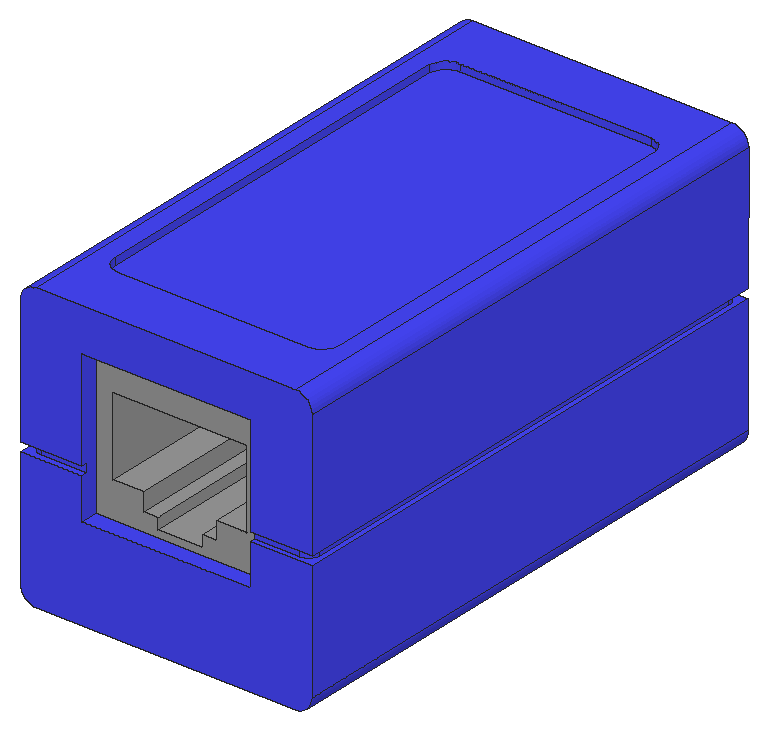
Revit family "ITK_Проходной адаптер_Неэкранированный", category Обобщенные модели, Revit 2019
Family settings
  Может служить основой для арматурных стержней = Нет
  Размер круглого соединителя = Использовать диаметр
  Тип детали = Нормальный
  На основе рабочей плоскости = Нет
  Всегда вертикально = Да
  При загрузке вырезать с полостями = Нет
  Общий = Нет
  Точка расчета площади = Нет
Parameters (values of type "CS70-1C5EU")
  Ширина = 26 mm
  Степень защиты = ""
  Материал = Пластик белый
  Изготовитель = "ITK"  # constant formula
  Дата изменения = ""
  Глубина = 48.5 mm
  Высота = 25.5 mm
  URL = "https://www.iek.ru/"
  KSI_CPr_Строительные изделия = "61.1.03.04"  # constant formula
  KSI_CMa_Строительные материалы = "01.7.14.03"  # constant formula
  IEK_Цена за единицу = 146.69
  IEK_Поиск в таблице имен = ""
  IEK_Описание = "Соответствие международным стандартам качества, что обеспечивает совместимость с компонентами и с кабелем.\r\nИзготовлены из высококачественных негорючих материалов и отличаются надежностью и удобством эксплуатации."
  IEK_URL = "https://www.itk-group.ru/produktsiya/catalog/oborudovanie_telekommunikatsionnoe/komponenty_sks_mednye/rozetki_adaptery_i_moduli_keystone/moduli_keystone_jack_informatsionnye_rozetki_rozetochnye_korpusa_i_adaptery/adaptery/adaptery_neekranirovannye/itk_prokhodnoy_adapter_kat_5e_utp_tip_rj45_rj45_8p8c_belyy"
  ADSK_Примечание = ""
  ADSK_Позиция [instance] = ""
  ADSK_Наименование = "ITK Проходной адаптер кат.5E UTP, тип RJ45-RJ45, белый"
  ADSK_Материал обозначение = ""
  ADSK_Материал наименование = "Пластик"  # constant formula
  ADSK_Масса = 0
  ADSK_Марка = ""  # constant formula
  ADSK_Код изделия = "CS70-1C5EU"
  ADSK_Завод-изготовитель = "IEK"  # constant formula
  ADSK_Единица измерения = "шт"  # constant formula
  ADSK_Группирование = "I. ЩИТЫ И ПУЛЬТЫ"  # constant formula
  ADSK_Версия семейства = "1.0"  # constant formula
  ADSK_Версия Revit = "2019"  # constant formula
  ADSK_URL страницы изделия = "https://www.itk-group.ru/produktsiya/catalog/oborudovanie_telekommunikatsionnoe/komponenty_sks_mednye/rozetki_adaptery_i_moduli_keystone/moduli_keystone_jack_informatsionnye_rozetki_rozetochnye_korpusa_i_adaptery/adaptery/adaptery_neekranirovannye/"
Types (2, lengths in mm): name | IEK_Цена за единицу | IEK_URL | ADSK_Наименование | ADSK_Код изделия
  CS70-1C5EU | 146.69 | "https://www.itk-group.ru/produktsiya/catalog/oborudovanie_telekommunikatsionnoe/komponenty_sks_mednye/rozetki_adaptery_i_moduli_keystone/moduli_keystone_jack_informatsionnye_rozetki_rozetochnye_korpusa_i_adaptery/adaptery/adaptery_neekranirovannye/itk_prokhodnoy_adapter_kat_5e_utp_tip_rj45_rj45_8p8c_belyy" | "ITK Проходной адаптер кат.5E UTP, тип RJ45-RJ45, белый" | "CS70-1C5EU"
  CS70-1C06U | 147.28 | "https://www.itk-group.ru/produktsiya/catalog/oborudovanie_telekommunikatsionnoe/komponenty_sks_mednye/rozetki_adaptery_i_moduli_keystone/moduli_keystone_jack_informatsionnye_rozetki_rozetochnye_korpusa_i_adaptery/adaptery/adaptery_neekranirovannye/itk_prokhodnoy_adapter_kat_6_utp_tip_rj45_rj45" | "ITK Проходной адаптер кат. 6 UTP тип RJ45-RJ45" | "CS70-1C06U"
Reference planes
  plane 1 "По центру (Вперед/Назад)": y = 0
  plane 2: z = 0
  plane 3 "По центру (Влево/Вправо)": x = 0
  plane 4: x = -13
  plane 5: x = 13
  plane 6: z = 25.5
  plane 7: y = 48.5
  plane 8: z = 12.75
  plane 9: y = 24.25
Forms (mm)
  Extrusion 1, solid, material "Пластик белый", detail levels fine
    sketch origin (0, 0, 0) x (1, 0, 0) y (0, 0, 1)
      loop
        line (-13, 23.999) -> (-13, 1.49)
        arc (-13, 1.49) -> (-12.564, 0.436) -> (-11.51, 0) r 1.49
        line (-11.51, 0) -> (11.52, 0)
        arc (11.52, 0) -> (12.566, 0.434) -> (13, 1.48) r 1.48
        line (13, 1.48) -> (13, 23.999)
        arc (13, 23.999) -> (12.56, 25.06) -> (11.499, 25.5) r 1.501
        line (11.499, 25.5) -> (-11.499, 25.5)
        arc (-11.499, 25.5) -> (-12.56, 25.06) -> (-13, 23.999) r 1.501
    from 0 to -48.5
  Extrusion 2, void
    sketch origin (0, 0, 0) x (1, 0, 0) y (0, 0, 1)
      loop
        line (7.5, 21.7) -> (-7.5, 21.7) -> (-7.5, 8.3) -> (7.5, 8.3) -> (7.5, 21.7)
    from 0 to -48.5
  Sweep 3, void
    path origin (0, 0, 11.964) x (1, 0, 0) y (0, 1, 0)
      loop
        line (-7.5, 48.5) -> (-11.506, 48.5)
        arc (-11.506, 48.5) -> (-12.562, 48.062) -> (-13, 47.006) r 1.494
        line (-13, 47.006) -> (-13, 1.49)
        arc (-13, 1.49) -> (-12.564, 0.436) -> (-11.51, 0) r 1.49
        line (-11.51, 0) -> (-7.5, 0)
    profile origin (-9.503, 48.5, 11.964) x (0, -1, 0) y (0, 0, 1)
      loop
        line (-0.979, 0) -> (0.514, 0) -> (0.514, 0.786) -> (-0.979, 0.786) -> (-0.979, 0)
  Sweep 4, void
    path origin (0, 0, 11.964) x (-1, 0, 0) y (0, -1, 0)
      loop
        line (-7.5, -48.5) -> (-11.506, -48.5)
        arc (-11.506, -48.5) -> (-12.562, -48.062) -> (-13, -47.006) r 1.494
        line (-13, -47.006) -> (-13, -1.49)
        arc (-13, -1.49) -> (-12.564, -0.436) -> (-11.51, 0) r 1.49
        line (-11.51, 0) -> (-7.5, 0)
    profile origin (9.503, 48.5, 11.964) x (0, 1, 0) y (0, 0, 1)
      loop
        line (0.979, 0) -> (0.979, 0.786) -> (-0.514, 0.786) -> (-0.514, 0) -> (0.979, 0)
  Extrusion 5, solid, material "Окраска - RAL 9005", detail levels fine
    sketch origin (0, 0, 0) x (1, 0, 0) y (0, 0, 1)
      loop
        line (7.5, 21.7) -> (-7.5, 21.7) -> (-7.5, 8.3) -> (7.5, 8.3) -> (7.5, 21.7)
    from -1.5 to -22.9
  Extrusion 6, solid, material "Окраска - RAL 9005", detail levels fine
    sketch origin (0, 48.5, 0) x (1, 0, 0) y (0, 0, -1)
      loop
        line (7.5, -21.7) -> (7.5, -8.3) -> (-7.5, -8.3) -> (-7.5, -21.7) -> (7.5, -21.7)
    from -1.5 to -22.9
  Extrusion 7, void
    sketch origin (0, 0, 0) x (1, 0, 0) y (0, 0, 1)
      loop
        line (-6, 18.5) -> (-6, 11.5) -> (-3.25, 11.5) -> (-3.25, 9.9) -> (-2, 9.9) -> (-2, 8.917) -> (2, 8.917) -> (2, 9.9) -> (3.25, 9.9) -> (3.25, 11.5) -> (6, 11.5) -> (6, 18.5) -> (-6, 18.5)
    from -1.5 to -20.973
  Extrusion 8, void
    sketch origin (0, 48.5, 27.417) x (-1, 0, 0) y (0, 0, 1)
      loop
        line (-6, -15.917) -> (6, -15.917) -> (6, -8.917) -> (3.25, -8.917) -> (3.25, -7.317) -> (2, -7.317) -> (2, -6.325) -> (-2, -6.325) -> (-2, -7.317) -> (-3.25, -7.317) -> (-3.25, -8.917) -> (-6, -8.917) -> (-6, -15.917)
    from -1.5 to -20.973
  Extrusion 9, void
    sketch origin (0, 0, 0) x (1, 0, 0) y (0, 1, 0)
      loop
        arc (-10, 6.75) -> (-9.561, 5.689) -> (-8.5, 5.25) r 1.5
        line (-8.5, 5.25) -> (8.5, 5.25)
        arc (8.5, 5.25) -> (9.561, 5.689) -> (10, 6.75) r 1.5
        line (10, 6.75) -> (10, 41.75)
        arc (10, 41.75) -> (9.561, 42.811) -> (8.5, 43.25) r 1.5
        line (8.5, 43.25) -> (-8.5, 43.25)
        arc (-8.5, 43.25) -> (-9.561, 42.811) -> (-10, 41.75) r 1.5
        line (-10, 41.75) -> (-10, 6.75)
    from 24.859 to 25.5
  Extrusion 10, solid, material "Условный материал-отделка", detail levels coarse+medium
    sketch origin (0, 0, 0) x (1, 0, 0) y (0, 1, 0)
      loop
        line (-13, 48.5) -> (-13, 0) -> (13, 0) -> (13, 48.5) -> (-13, 48.5)
    from 0 to 25.5 <- "Высота"
Cuts and joins
  Extrusion 2, Sweep 3, Sweep 4, Extrusion 9 cuts Extrusion 1
  Extrusion 7, Extrusion 8, Extrusion 9 cuts Extrusion 5
  Extrusion 8, Extrusion 9 cuts Extrusion 6
Dimensions and locks
  "Высота": plane 6 to level
  "Глубина": plane 1 "По центру (Вперед/Назад)" to plane 7
  equal spacing: plane 4, plane 3 "По центру (Влево/Вправо)", plane 5
  "Ширина": plane 4 to plane 5
  aligned and locked: level to plane 2
  aligned and locked: Extrusion 1 sketch curve to plane 4
  aligned and locked: Extrusion 1 sketch curve to plane 6
  aligned and locked: Extrusion 1 sketch curve to plane 5
  aligned and locked: Extrusion 1 sketch curve to level
  aligned and locked: plane 7 to Extrusion 1
  aligned and locked: plane 7 to Extrusion 2
  aligned and locked: Extrusion 5 sketch curve to cut or joined group of Extrusion 1, Extrusion 2, Sweep 3, Sweep 4, Extrusion 9  (x4)
  aligned and locked: plane 6 to Extrusion 9
Automatic sketch dimensions
  level to Extrusion 1 sketch curve = 1.49 mm
  plane 4 to Extrusion 1 sketch curve = 1.501 mm
  Extrusion 1 sketch curve to Extrusion 1 sketch curve = 1.501 mm
  level to Extrusion 1 sketch curve = 1.48 mm
  Sweep 3 sketch curve to plane 4 = 0 mm
  plane 1 "По центру (Вперед/Назад)" to Sweep 3 sketch curve = 0 mm
  Sweep 3 sketch curve to plane 7 = 0 mm
  Sweep 3 sketch curve to plane 1 "По центру (Вперед/Назад)" = 1.49 mm
  Sweep 3 sketch curve to Sweep 3 sketch curve = 1.494 mm
  Sweep 3 sketch curve to Sweep 3 sketch curve = 4.006 mm
  Sweep 3 sketch curve to Sweep 3 sketch curve = 4.01 mm
  Sweep 3 sketch curve to profile plane = 0 mm
  profile plane to Sweep 3 sketch curve = 0.979 mm
  Sweep 3 sketch curve to profile plane = 0.514 mm
  profile plane to Sweep 3 sketch curve = 0.786 mm
  Sweep 4 sketch curve to plane 5 = 0 mm
  plane 1 "По центру (Вперед/Назад)" to Sweep 4 sketch curve = 0 mm
  Sweep 4 sketch curve to plane 7 = 0 mm
  Sweep 4 sketch curve to plane 1 "По центру (Вперед/Назад)" = 1.49 mm
  Sweep 4 sketch curve to Sweep 4 sketch curve = 1.494 mm
  Sweep 4 sketch curve to Sweep 4 sketch curve = 4.006 mm
  Sweep 4 sketch curve to Sweep 4 sketch curve = 4.01 mm
  Sweep 4 sketch curve to profile plane = 0 mm
  profile plane to Sweep 4 sketch curve = 0.514 mm
  Sweep 4 sketch curve to profile plane = 0.979 mm
  profile plane to Sweep 4 sketch curve = 0.786 mm
  plane 4 to Extrusion 6 sketch curve = 5.5 mm
  Extrusion 6 sketch curve to plane 5 = 5.5 mm
  Extrusion 6 sketch curve to plane 6 = 3.8 mm
  plane 8 to Extrusion 6 sketch curve = 4.45 mm
  Extrusion 7 sketch curve to Extrusion 7 sketch curve = 0.983 mm
  plane 3 "По центру (Влево/Вправо)" to Extrusion 8 sketch curve = 6 mm
  Extrusion 8 sketch curve to Extrusion 8 sketch curve = 2.75 mm  (x2)
  Extrusion 8 sketch curve to Extrusion 8 sketch curve = 1.25 mm  (x2)
  Extrusion 8 sketch curve to plane 3 "По центру (Влево/Вправо)" = 2 mm
  plane 8 to Extrusion 8 sketch curve = 1.25 mm
  Extrusion 8 sketch curve to plane 8 = 5.75 mm  (x2)
  Extrusion 8 sketch curve to Extrusion 8 sketch curve = 1.6 mm  (x2)
  Extrusion 8 sketch curve to Extrusion 8 sketch curve = 0.991 mm
  plane 4 to Extrusion 2 sketch curve = 5.5 mm
  Extrusion 2 sketch curve to plane 5 = 5.5 mm
  plane 8 to Extrusion 2 sketch curve = 4.45 mm
  Extrusion 2 sketch curve to plane 6 = 3.8 mm
  plane 8 to Extrusion 7 sketch curve = 1.25 mm  (x2)
  Extrusion 7 sketch curve to plane 3 "По центру (Влево/Вправо)" = 6 mm
  Extrusion 7 sketch curve to Extrusion 7 sketch curve = 2.75 mm  (x2)
  Extrusion 7 sketch curve to Extrusion 7 sketch curve = 1.25 mm  (x2)
  plane 3 "По центру (Влево/Вправо)" to Extrusion 7 sketch curve = 2 mm
  Extrusion 7 sketch curve to Extrusion 7 sketch curve = 1.6 mm  (x2)
  Extrusion 7 sketch curve to plane 8 = 5.75 mm
  plane 1 "По центру (Вперед/Назад)" to Extrusion 10 sketch curve = 0 mm
  Extrusion 10 sketch curve to plane 4 = 0 mm
  Extrusion 10 sketch curve to plane 5 = 0 mm
  Extrusion 10 sketch curve to plane 7 = 0 mm
